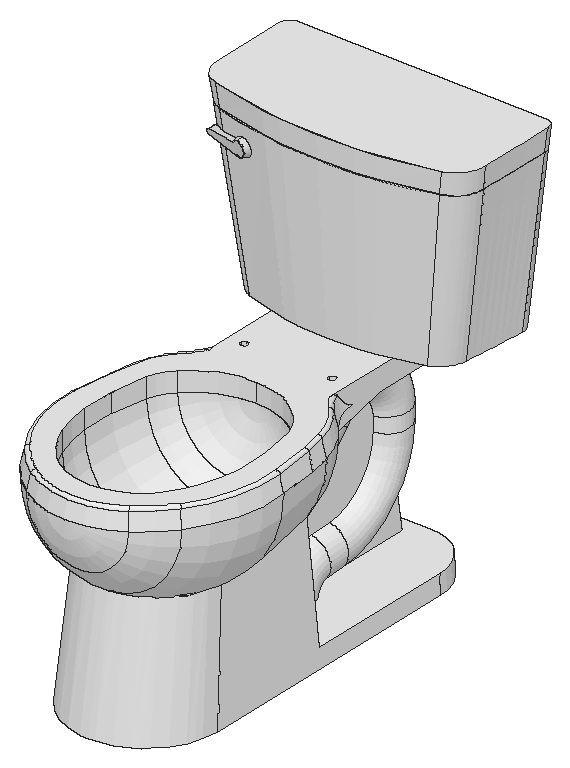
Revit family "Plumbing-Pressure-Assist-Water-Closet-Sloan-Valve-WETS-80098013_", category Plumbing Fixtures, host Face, Revit 2019 (continued)
Automatic sketch dimensions
  Extrusion 16 sketch curve to Extrusion 16 sketch curve = 18.15103"  (x2)
  Extrusion 16 sketch curve to Extrusion 16 sketch curve = 4"  (x2)
  Extrusion 16 sketch curve to Extrusion 16 sketch curve = 2.01849"
  Extrusion 16 sketch curve to Extrusion 16 sketch curve = 0.52667"  (x2)
  Extrusion 16 sketch curve to Extrusion 16 sketch curve = 1.24583"
  Extrusion 16 sketch curve to Extrusion 16 sketch curve = 1.55117"  (x2)
  Extrusion 16 sketch curve to Extrusion 16 sketch curve = 1.66402"
  Extrusion 16 sketch curve to Extrusion 16 sketch curve = 3.26432"
  Extrusion 16 sketch curve to Extrusion 16 sketch curve = 13.39952"
  Extrusion 16 sketch curve to Extrusion 16 sketch curve = 2.22418"  (x2)
  Extrusion 16 sketch curve to Extrusion 16 sketch curve = 0.38996"  (x2)
  Extrusion 16 sketch curve to Extrusion 16 sketch curve = 3.913"
  Extrusion 16 sketch curve to Extrusion 16 sketch curve = 3.98247"
  Extrusion 16 sketch curve to Extrusion 16 sketch curve = 0.39147"  (x2)
  Extrusion 16 sketch curve to Extrusion 16 sketch curve = 2.49844"
  Extrusion 16 sketch curve to Extrusion 16 sketch curve = 4.55398"
  Extrusion 16 sketch curve to Extrusion 16 sketch curve = 0.28975"  (x2)
  plane 7 to Extrusion 17 sketch curve = 15 3/4"
  Extrusion 17 sketch curve to Extrusion 17 sketch curve = 0.92653"
  Extrusion 17 sketch curve to plane 7 = 0.34835"
  Extrusion 17 sketch curve to Extrusion 17 sketch curve = 13 1/4"
  plane 7 to Revolve 18 sketch curve = 18.41431"
  Revolve 18 sketch curve to Revolve 18 sketch curve = 1.21427"
  Revolve 18 sketch curve to Revolve 18 sketch curve = 3.141"
  Revolve 18 sketch curve to Revolve 18 sketch curve = 0.55817"
  Revolve 18 sketch curve to Revolve 18 sketch curve = 4.78572"
  Revolve 18 sketch curve to Revolve 18 sketch curve = 1.12242"
  Revolve 18 sketch curve to Revolve 18 sketch curve = 1.54616"
  Revolve 18 sketch curve to Revolve 18 sketch curve = 1.91616"
  Revolve 18 sketch curve to Revolve 18 sketch curve = 0.22012"
  Revolve 18 sketch curve to Revolve 18 sketch curve = 2.15467"
  Revolve 18 sketch curve to Revolve 18 sketch curve = 4.85057"
  Revolve 18 sketch curve to Revolve 18 sketch curve = 4.53114"
  Revolve 18 sketch curve to Revolve 18 sketch curve = 0"  (x5)
  Revolve 18 sketch curve to Revolve 18 sketch curve = 2.34667"
  Revolve 18 sketch curve to Revolve 18 sketch curve = 1/2"
  Extrusion 19 sketch curve to Extrusion 19 sketch curve = 0"  (x12)
  plane 7 to Extrusion 19 sketch curve = 0"
  plane 7 to Extrusion 19 sketch curve = 6 1/128"  (x2)
  Extrusion 19 sketch curve to Extrusion 19 sketch curve = 1/4"
  Extrusion 19 sketch curve to Extrusion 19 sketch curve = 1/2"
  Extrusion 19 sketch curve to Extrusion 19 sketch curve = 1 3/4"  (x2)
  Extrusion 19 sketch curve to Extrusion 19 sketch curve = 8 3/8"
  Extrusion 19 sketch curve to Extrusion 19 sketch curve = 14 1/4"
  Extrusion 19 sketch curve to Extrusion 19 sketch curve = 1 1/4"
  Extrusion 19 sketch curve to plane 7 = 19.0791"
  plane 7 to Extrusion 20 sketch curve = 11 3/8"
  Extrusion 20 sketch curve to Extrusion 20 sketch curve = 6"
  Extrusion 20 sketch curve to Extrusion 20 sketch curve = 0"
  plane 11 to Blend 21 sketch curve = 23 1/2"
  Blend 21 sketch curve to Blend 21 sketch curve = 3 1/2"  (x2)
  Blend 21 sketch curve to Blend 21 sketch curve = 4 7/8"
  Blend 21 sketch curve to Blend 21 sketch curve = 2 3/4"
  plane 11 to Blend 21 sketch curve = 4 67/128"
  plane 11 to Blend 21 sketch curve = 22.25397"
  plane 11 to Blend 21 sketch curve = 1 3/128"
  Blend 21 sketch curve to Blend 21 sketch curve = 4 5/16"
  Blend 21 sketch curve to Blend 21 sketch curve = 1 5/8"
  plane 11 to Extrusion 22 sketch curve = 13.77953"
  Extrusion 22 sketch curve to Extrusion 22 sketch curve = 5.00662"
  Extrusion 22 sketch curve to Extrusion 22 sketch curve = 1.37144"
  Extrusion 22 sketch curve to Extrusion 22 sketch curve = 0.83072"
  plane 11 to Extrusion 22 sketch curve = 2.01421"
  plane 11 to Extrusion 22 sketch curve = 1.80632"
  Extrusion 22 sketch curve to Extrusion 22 sketch curve = 1.24829"
  Extrusion 22 sketch curve to Extrusion 22 sketch curve = 2.7937"
  plane 11 to Sweep 23 sketch curve = 16.44118"
  plane 11 to Sweep 23 sketch curve = 11 1/4"
  Sweep 23 sketch curve to Sweep 23 sketch curve = 1.57944"
  Sweep 23 sketch curve to Sweep 23 sketch curve = 1.66667"
  Sweep 23 sketch curve to Sweep 23 sketch curve = 1.22254"
  Sweep 23 sketch curve to Sweep 23 sketch curve = 1.50376"
  Sweep 23 sketch curve to Sweep 23 sketch curve = 2.37343"
  Sweep 23 sketch curve to Sweep 23 sketch curve = 3"
  Sweep 23 sketch curve to Sweep 23 sketch curve = 0.23912"
  Sweep 23 sketch curve to Sweep 23 sketch curve = 0.07881"
  Sweep 23 sketch curve to Sweep 23 sketch curve = 2.19457"
  Sweep 23 sketch curve to Sweep 23 sketch curve = 1.02691"
  Sweep 23 sketch curve to Sweep 23 sketch curve = 6.01869"
  Sweep 23 sketch curve to Sweep 23 sketch curve = 5.81653"
  Sweep 23 sketch curve to Sweep 23 sketch curve = 0.44425"
  Sweep 23 sketch curve to Sweep 23 sketch curve = 0"
  Sweep 23 sketch curve to Sweep 23 sketch curve = 1.19248"
  Sweep 23 sketch curve to profile plane = 0"  (x2)
  plane 11 to Extrusion 24 sketch curve = 25.07129"
  Extrusion 24 sketch curve to Extrusion 24 sketch curve = 6.25633"
  Extrusion 24 sketch curve to Extrusion 24 sketch curve = 0.50463"
  Extrusion 24 sketch curve to Extrusion 24 sketch curve = 7.2727"
  Extrusion 24 sketch curve to Extrusion 24 sketch curve = 1.99428"
  Extrusion 24 sketch curve to Extrusion 24 sketch curve = 1.03117"
  plane 11 to Extrusion 24 sketch curve = 2.02153"
  plane 11 to Extrusion 24 sketch curve = 1.93503"
  Extrusion 24 sketch curve to plane 11 = 12.09356"
  Extrusion 24 sketch curve to Extrusion 24 sketch curve = 3.6955"
  Extrusion 24 sketch curve to Extrusion 24 sketch curve = 5.768"
  Extrusion 24 sketch curve to Extrusion 24 sketch curve = 4 19/256"
  Extrusion 24 sketch curve to Extrusion 24 sketch curve = 4.71404"
  Extrusion 24 sketch curve to Extrusion 24 sketch curve = 3.46658"
  Extrusion 24 sketch curve to Extrusion 24 sketch curve = 0.2571"
  Extrusion 24 sketch curve to Extrusion 24 sketch curve = 0"
  plane 8 to Blend 25 sketch curve = 0.21467"
  plane 8 to Blend 25 sketch curve = 0.58558"
  plane 11 to Blend 25 sketch curve = 5/16"
  plane 8 to Blend 25 sketch curve = 0.96182"
  Blend 25 sketch curve to Blend 25 sketch curve = 1.99239"
  plane 8 to Blend 25 sketch curve = 7 15/16"
  plane 9 to Blend 25 sketch curve = 2.57797"
  plane 9 to Blend 25 sketch curve = 0.96182"
  plane 9 to Blend 25 sketch curve = 0.58558"
  plane 9 to Blend 25 sketch curve = 0.21467"
  Blend 25 sketch curve to Blend 25 sketch curve = 3/4"  (x2)
  Blend 25 sketch curve to Blend 25 sketch curve = 4.13053"  (x2)
  Blend 25 sketch curve to Blend 25 sketch curve = 0.17431"  (x2)
  Blend 25 sketch curve to plane 11 = 9.28691"
  Blend 25 sketch curve to Blend 25 sketch curve = 0"  (x2)
  plane 11 to Blend 25 sketch curve = 0"
  plane 11 to Blend 25 sketch curve = 6 1/128"  (x2)
  plane 11 to Blend 25 sketch curve = 3/4"  (x2)
  Blend 25 sketch curve to Blend 25 sketch curve = 2"
  Blend 25 sketch curve to Blend 25 sketch curve = 8 3/8"
  Blend 25 sketch curve to Blend 25 sketch curve = 14 1/4"
  Blend 25 sketch curve to Blend 25 sketch curve = 1 1/4"
  Blend 25 sketch curve to plane 11 = 19.0791"
  Extrusion 26 sketch curve to Extrusion 26 sketch curve = 2.41998"
  Extrusion 26 sketch curve to Extrusion 26 sketch curve = 0.01099"
  Extrusion 26 sketch curve to Extrusion 26 sketch curve = 0.0192"
  Extrusion 26 sketch curve to Extrusion 26 sketch curve = 0.16999"
  Extrusion 26 sketch curve to Extrusion 26 sketch curve = 0.15715"
  Extrusion 26 sketch curve to Extrusion 26 sketch curve = 0.78299"
  Revolve 27 sketch curve to Revolve 27 sketch curve = 0.48262"
  Revolve 27 sketch curve to Revolve 27 sketch curve = 1/2"
  Revolve 27 sketch curve to Revolve 27 sketch curve = 0.47889"
  Revolve 27 sketch curve to Revolve 27 sketch curve = 0.02676"
  Revolve 27 sketch curve to Revolve 27 sketch curve = 0.15681"
  Revolve 27 sketch curve to Revolve 27 sketch curve = 0"  (x2)
  Revolve 27 sketch curve to Revolve 27 sketch curve = 0.11261"
  plane 11 to Revolve 28 sketch curve = 18.41431"
  Revolve 28 sketch curve to Revolve 28 sketch curve = 0.38226"
  Revolve 28 sketch curve to Revolve 28 sketch curve = 213/256"
  Revolve 28 sketch curve to Revolve 28 sketch curve = 0"  (x10)
  Revolve 28 sketch curve to Revolve 28 sketch curve = 1.55117"
  Revolve 28 sketch curve to Revolve 28 sketch curve = 0.52667"
  Revolve 28 sketch curve to Revolve 28 sketch curve = 1.06316"
  Revolve 28 sketch curve to Revolve 28 sketch curve = 0.55817"
  Revolve 28 sketch curve to Revolve 28 sketch curve = 4.78572"
  Revolve 28 sketch curve to Revolve 28 sketch curve = 17.76248"
  Revolve 28 sketch curve to Revolve 28 sketch curve = 1.12242"
  Revolve 28 sketch curve to Revolve 28 sketch curve = 1.54616"
  Revolve 28 sketch curve to Revolve 28 sketch curve = 1.91616"
  Revolve 28 sketch curve to Revolve 28 sketch curve = 0.22012"
  Revolve 28 sketch curve to Revolve 28 sketch curve = 0.002"
  Revolve 28 sketch curve to Revolve 28 sketch curve = 0.38996"
  Revolve 28 sketch curve to Revolve 28 sketch curve = 2.4971"
  Revolve 28 sketch curve to Revolve 28 sketch curve = 1.76271"
  Revolve 28 sketch curve to Revolve 28 sketch curve = 0.46147"
  Revolve 28 sketch curve to Revolve 28 sketch curve = 1.76813"
  Revolve 28 sketch curve to Revolve 28 sketch curve = 2.37097"
  Revolve 28 sketch curve to Revolve 28 sketch curve = 1.94676"
  Revolve 28 sketch curve to Revolve 28 sketch curve = 0.65231"
  Revolve 28 sketch curve to Revolve 28 sketch curve = 3.62883"
  Revolve 28 sketch curve to Revolve 28 sketch curve = 2.41279"
  Revolve 28 sketch curve to Revolve 28 sketch curve = 0.18389"
  Revolve 28 sketch curve to Revolve 28 sketch curve = 1/2"
  Extrusion 29 sketch curve to Extrusion 29 sketch curve = 0.67182"
  Extrusion 29 sketch curve to Extrusion 29 sketch curve = 1.77234"
  Extrusion 29 sketch curve to Extrusion 29 sketch curve = 1.545"  (x2)
  Extrusion 29 sketch curve to Extrusion 29 sketch curve = 93/128"
  Extrusion 29 sketch curve to Extrusion 29 sketch curve = 0.40828"
  Extrusion 29 sketch curve to Extrusion 29 sketch curve = 2.54228"
  Extrusion 29 sketch curve to Extrusion 29 sketch curve = 2.74948"
  Blend 30 sketch curve to Blend 30 sketch curve = 0.99706"
  Blend 30 sketch curve to Blend 30 sketch curve = 0.24541"
  Blend 30 sketch curve to Blend 30 sketch curve = 1 13/16"
  Blend 30 sketch curve to Blend 30 sketch curve = 0.37271"
  Blend 31 sketch curve to Blend 31 sketch curve = 1 13/16"  (x2)
  Blend 31 sketch curve to Blend 31 sketch curve = 0.37271"
  Blend 31 sketch curve to Blend 31 sketch curve = 1.15396"
  plane 11 to Sweep 32 sketch curve = 26.57715"
  Sweep 32 sketch curve to Sweep 32 sketch curve = 9.12902"
  Sweep 32 sketch curve to Sweep 32 sketch curve = 0.84594"
  Sweep 32 sketch curve to Sweep 32 sketch curve = 3.46596"
  Sweep 32 sketch curve to Sweep 32 sketch curve = 1.9345"
  Sweep 32 sketch curve to Sweep 32 sketch curve = 0.18533"
  Sweep 32 sketch curve to Sweep 32 sketch curve = 1.3913"
  Sweep 32 sketch curve to Sweep 32 sketch curve = 1.1687"
  Sweep 32 sketch curve to Sweep 32 sketch curve = 3.42714"
  Sweep 32 sketch curve to Sweep 32 sketch curve = 1.86098"
  Sweep 32 sketch curve to Sweep 32 sketch curve = 1.34254"
  Sweep 32 sketch curve to Sweep 32 sketch curve = 1.96082"
  Sweep 32 sketch curve to Sweep 32 sketch curve = 0"  (x3)
  Sweep 32 sketch curve to Sweep 32 sketch curve = 2.59819"
  Sweep 32 sketch curve to profile plane = 0"
  Sweep 32 sketch curve to profile plane = 0.99706"  (x2)
  Sweep 33 sketch curve to Sweep 33 sketch curve = 0"  (x10)
  Sweep 33 sketch curve to plane 10 = 0"  (x4)
  plane 10 to Sweep 33 sketch curve = 5.70094"  (x2)
  plane 11 to Sweep 33 sketch curve = 10.88962"
  Sweep 33 sketch curve to Sweep 33 sketch curve = 18.15103"  (x2)
  Sweep 33 sketch curve to Sweep 33 sketch curve = 4"  (x2)
  Sweep 33 sketch curve to Sweep 33 sketch curve = 2.01849"
  Sweep 33 sketch curve to Sweep 33 sketch curve = 0.52667"  (x2)
  Sweep 33 sketch curve to Sweep 33 sketch curve = 1.24583"
  Sweep 33 sketch curve to Sweep 33 sketch curve = 1.55117"  (x2)
  Sweep 33 sketch curve to Sweep 33 sketch curve = 1.66402"
  Sweep 33 sketch curve to Sweep 33 sketch curve = 3.26432"
  plane 10 to Sweep 33 sketch curve = 4.99179"
  Sweep 33 sketch curve to Sweep 33 sketch curve = 2.22418"
  Sweep 33 sketch curve to Sweep 33 sketch curve = 0.38996"  (x2)
  Sweep 33 sketch curve to Sweep 33 sketch curve = 3.913"
  Sweep 33 sketch curve to Sweep 33 sketch curve = 6.87238"
  Sweep 33 sketch curve to Sweep 33 sketch curve = 5.26793"
  Sweep 33 sketch curve to Sweep 33 sketch curve = 0.29604"  (x2)
  Sweep 33 sketch curve to Sweep 33 sketch curve = 4.31887"  (x2)
  Sweep 33 sketch curve to profile plane = 0"
  Sweep 33 sketch curve to profile plane = 0.25828"
  Sweep 33 sketch curve to Sweep 33 sketch curve = 0.24359"
  Sweep 33 sketch curve to profile plane = 0.71616"
  profile plane to Sweep 33 sketch curve = 14 3/16"
  Sweep 33 sketch curve to Sweep 33 sketch curve = 1 1/16"
  Sweep 33 sketch curve to Sweep 33 sketch curve = 0.05624"
  Extrusion 34 sketch curve to Extrusion 34 sketch curve = 0"  (x18)
  plane 11 to Extrusion 34 sketch curve = 21.08289"
  Extrusion 34 sketch curve to Extrusion 34 sketch curve = 4.78572"  (x2)
  Extrusion 34 sketch curve to Extrusion 34 sketch curve = 0.55817"  (x2)
  Extrusion 34 sketch curve to Extrusion 34 sketch curve = 1.92673"  (x2)
  Extrusion 34 sketch curve to Extrusion 34 sketch curve = 3.141"
  Extrusion 34 sketch curve to Extrusion 34 sketch curve = 1.21427"  (x2)
  Extrusion 34 sketch curve to Extrusion 34 sketch curve = 0.37"  (x2)
  Extrusion 34 sketch curve to Extrusion 34 sketch curve = 0.22012"  (x2)
  Extrusion 34 sketch curve to Extrusion 34 sketch curve = 2.15467"
  Extrusion 34 sketch curve to Extrusion 34 sketch curve = 2.13627"
  Extrusion 34 sketch curve to Extrusion 34 sketch curve = 1.12242"  (x2)
  Extrusion 34 sketch curve to Extrusion 34 sketch curve = 1.58443"
  Extrusion 34 sketch curve to Extrusion 34 sketch curve = 1.57431"  (x2)
  Extrusion 35 sketch curve to Extrusion 35 sketch curve = 0"  (x13)
  plane 11 to Extrusion 35 sketch curve = 23.57999"  (x2)
  plane 11 to Extrusion 35 sketch curve = 10.88962"
  Extrusion 35 sketch curve to Extrusion 35 sketch curve = 18.15103"  (x2)
  Extrusion 35 sketch curve to Extrusion 35 sketch curve = 4"  (x2)
  Extrusion 35 sketch curve to Extrusion 35 sketch curve = 2.01849"
  Extrusion 35 sketch curve to Extrusion 35 sketch curve = 0.52667"  (x2)
  Extrusion 35 sketch curve to Extrusion 35 sketch curve = 1.24583"
  Extrusion 35 sketch curve to Extrusion 35 sketch curve = 1.55117"  (x2)
  Extrusion 35 sketch curve to Extrusion 35 sketch curve = 1.66402"
  Extrusion 35 sketch curve to Extrusion 35 sketch curve = 3.26432"
  Extrusion 35 sketch curve to Extrusion 35 sketch curve = 13.39952"
  Extrusion 35 sketch curve to Extrusion 35 sketch curve = 2.22418"  (x2)
  Extrusion 35 sketch curve to Extrusion 35 sketch curve = 0.38996"  (x2)
  Extrusion 35 sketch curve to Extrusion 35 sketch curve = 3.913"
  Extrusion 35 sketch curve to Extrusion 35 sketch curve = 3.98247"
  Extrusion 35 sketch curve to Extrusion 35 sketch curve = 0.39147"  (x2)
  Extrusion 35 sketch curve to Extrusion 35 sketch curve = 2.49844"
  Extrusion 35 sketch curve to Extrusion 35 sketch curve = 4.55398"
  Extrusion 35 sketch curve to Extrusion 35 sketch curve = 0.28975"  (x2)
  plane 11 to Extrusion 36 sketch curve = 15 3/4"
  Extrusion 36 sketch curve to Extrusion 36 sketch curve = 0.92653"
  Extrusion 36 sketch curve to plane 11 = 0.34835"
  Extrusion 36 sketch curve to Extrusion 36 sketch curve = 13 1/4"
  plane 11 to Revolve 37 sketch curve = 18.41431"
  Revolve 37 sketch curve to Revolve 37 sketch curve = 1.21427"
  Revolve 37 sketch curve to Revolve 37 sketch curve = 3.141"
  Revolve 37 sketch curve to Revolve 37 sketch curve = 0.55817"
  Revolve 37 sketch curve to Revolve 37 sketch curve = 4.78572"
  Revolve 37 sketch curve to Revolve 37 sketch curve = 1.12242"
  Revolve 37 sketch curve to Revolve 37 sketch curve = 1.54616"
  Revolve 37 sketch curve to Revolve 37 sketch curve = 1.91616"
  Revolve 37 sketch curve to Revolve 37 sketch curve = 0.22012"
  Revolve 37 sketch curve to Revolve 37 sketch curve = 2.15467"
  Revolve 37 sketch curve to Revolve 37 sketch curve = 4.85057"
  Revolve 37 sketch curve to Revolve 37 sketch curve = 4.53114"
  Revolve 37 sketch curve to Revolve 37 sketch curve = 0"  (x5)
  Revolve 37 sketch curve to Revolve 37 sketch curve = 2.34667"
  Revolve 37 sketch curve to Revolve 37 sketch curve = 1/2"
  Extrusion 38 sketch curve to Extrusion 38 sketch curve = 0"  (x12)
  plane 11 to Extrusion 38 sketch curve = 0"
  plane 11 to Extrusion 38 sketch curve = 6 1/128"  (x2)
  Extrusion 38 sketch curve to Extrusion 38 sketch curve = 1/4"
  Extrusion 38 sketch curve to Extrusion 38 sketch curve = 1/2"
  Extrusion 38 sketch curve to Extrusion 38 sketch curve = 1 3/4"  (x2)
  Extrusion 38 sketch curve to Extrusion 38 sketch curve = 8 3/8"
  Extrusion 38 sketch curve to Extrusion 38 sketch curve = 14 1/4"
  Extrusion 38 sketch curve to Extrusion 38 sketch curve = 1 1/4"
  Extrusion 38 sketch curve to plane 11 = 19.0791"
  plane 11 to Extrusion 39 sketch curve = 11 3/8"
  Extrusion 39 sketch curve to Extrusion 39 sketch curve = 6"
  Extrusion 39 sketch curve to Extrusion 39 sketch curve = 0"
  radius of Sweep 3 sketch curve = 1 1/2"
  radius of Extrusion 20 sketch curve = 1/4"  (x2)
  radius of Sweep 23 sketch curve = 1 1/2"
  radius of Extrusion 39 sketch curve = 1/4"  (x2)
Connectors
  piping at (-152.4, 0, 254), diameter 12.7, driven by "CWFU", driven by "Cold Water Connection Diameter", driven by "Cold Water Connector Description", driven by "Valve Pressure Drop"
    settings: on Extrusion 5, index 3, connector inside diameter 1/2", connector length 0", flow factor 0, pipe flow 0 GPM, pressure drop 0.00 psi, fitting loss kfactor 0, connector angle 0.00°, fixture units 10, engagement length 0", angle of deflection 0.00°, flow configuration 3, flow direction 1, fitting loss method 4, system type 20, joint type 0, gender type 0, connector reference index -1, connector utility 0, adjustable connector no, is connector primary yes, connector description "Cold Water Connector d1/2\""
  piping at (0, -304.8, 0), diameter 53.975, driven by "Sanitary Drain Connection Diameter", driven by "Sanitary Drain Connector Description", driven by "WFU"
    settings: on Sweep 3, index 4, connector inside diameter 24", connector length 0", flow factor 0, pipe flow 0 GPM, pressure drop 0.00 psi, fitting loss kfactor 0, connector angle 0.00°, fixture units 10, engagement length 0", angle of deflection 0.00°, flow configuration 3, flow direction 2, fitting loss method 0, system type 16, joint type 0, gender type 0, connector reference index -1, connector utility 0, adjustable connector no, is connector primary no, connector description "Sanitary Drain Connector d2 1/8\""
Types (4): name | Water Closet Code | Product Material | Part Number | Model | Description
  (no name) | "2108009" | Sloan Valve - Vitreous China - White | "WETS-8009.8013" | "WETS-8009.8013" | "Floor-Mounted 1.6 gpf (6.0 Lpf) 12\" Rough-in Pressure-Assisted/Tank Toilet."
  WETS-8009.8013 | "2108009" | Sloan Valve - Vitreous China - White | "WETS-8009.8013" | "WETS-8009.8013" | "Floor-Mounted 1.6 gpf (6.0 Lpf) 12\" Rough-in Pressure-Assisted/Tank Toilet."
  WETS-8009.8013-BAA | "2108009" | Sloan Valve - Vitreous China - White | "80098013" | "WETS-8009.8013-BAA" | "Floor-Mounted 1.6 gpf (6.0 Lpf) 12\" Rough-in Pressure-Assisted/Tank Toilet."
  WETS-8009.8013-STG | "2178009" | Sloan Valve - Vitreous China - SloanTec Glaze White | "WETS-8009.8013-STG" | "WETS-8009.8013-STG" | "Floor-Mounted 1.6 gpf (6.0 Lpf) 12\" Rough-in Pressure-Assisted/Tank Toilet with SloanTec® Glaze."
